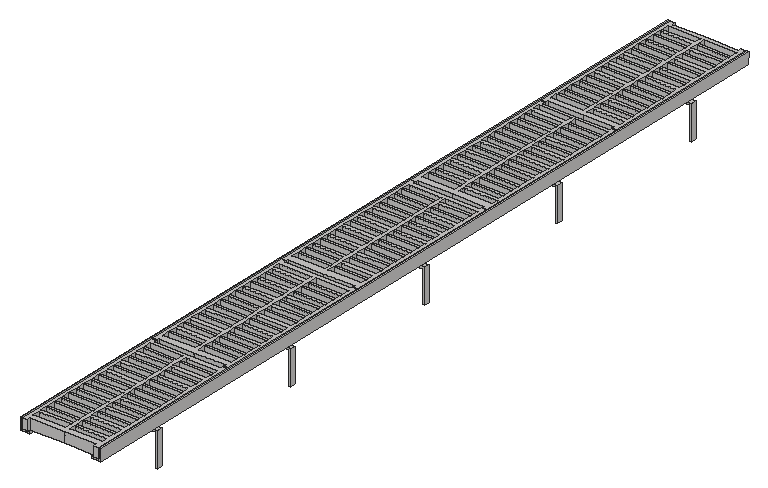
Revit family "Frame_Grate_12_Inch_Z712-HGS", category Plumbing Fixtures, Revit 2022 (continued)
Dimensions and locks (in)
  equal spacing: curve 2, curve 28, curve 27, curve 29, curve 4, locked at 3 each
  equal spacing: plane 40, plane 3 "Center (Left/Right)", plane 39, locked at 5.125 each
  equal spacing: plane 42, plane 3 "Center (Left/Right)", plane 41, locked at 0.25 each
  locked: plane 5 to plane 37 at 120
  equal spacing: plane 5, plane 1 "Center (Front/Back)", plane 37
  locked: Extrusion 3 sketch curve to Extrusion 3 sketch curve at 1  (x32)
  locked: Extrusion 3 sketch curve to Extrusion 3 sketch curve at 0.375  (x30)
  cut or joined group of Extrusion 2, Extrusion 3, Extrusion 5, Extrusion 6, Extrusion 7, Extrusion 8 to cut or joined group of Extrusion 2, Extrusion 3, Extrusion 5, Extrusion 6, Extrusion 7, Extrusion 8 = 23.940"
  locked: cut or joined group of Extrusion 2, Extrusion 3, Extrusion 5, Extrusion 6, Extrusion 7, Extrusion 8 to cut or joined group of Extrusion 2, Extrusion 3, Extrusion 5, Extrusion 6, Extrusion 7, Extrusion 8 at 0.4  (x4)
  cut or joined group of Extrusion 2, Extrusion 3, Extrusion 5, Extrusion 6, Extrusion 7, Extrusion 8 to cut or joined group of Extrusion 2, Extrusion 3, Extrusion 5, Extrusion 6, Extrusion 7, Extrusion 8 = 0.688"
  cut or joined group of Extrusion 2, Extrusion 3, Extrusion 5, Extrusion 6, Extrusion 7, Extrusion 8 to curve 27 to cut or joined group of Extrusion 2, Extrusion 3, Extrusion 5, Extrusion 6, Extrusion 7, Extrusion 8 = 5.625" locked, 5.625" locked
  equal spacing: plane 44, curve 27, plane 43
  locked: plane 44 to plane 43 at 11.25
  locked: Extrusion 2 sketch curve to Extrusion 2 sketch curve at 0.688  (x4)
  Extrusion 3 to Extrusion 3 = 21.625"
  Extrusion 3 to Extrusion 3 = 10.250"
  locked: Extrusion 5 sketch curve to Extrusion 5 sketch curve at 1  (x32)
  locked: Extrusion 5 sketch curve to Extrusion 5 sketch curve at 0.375  (x30)
  locked: Extrusion 6 sketch curve to Extrusion 6 sketch curve at 1  (x32)
  locked: Extrusion 6 sketch curve to Extrusion 6 sketch curve at 0.375  (x30)
  locked: Extrusion 7 sketch curve to Extrusion 7 sketch curve at 1  (x32)
  locked: Extrusion 7 sketch curve to Extrusion 7 sketch curve at 0.375  (x30)
  locked: Extrusion 8 sketch curve to Extrusion 8 sketch curve at 1  (x32)
  locked: Extrusion 8 sketch curve to Extrusion 8 sketch curve at 0.375  (x30)
  locked: Extrusion 4 sketch curve to Extrusion 4 sketch curve at 0.25
  Extrusion 9 sketch curve to Extrusion 9 sketch curve = 5.000"
  locked: Extrusion 9 sketch curve to Extrusion 9 sketch curve at 0.25  (x2)
  Extrusion 10 sketch curve to Extrusion 10 sketch curve = 5.000"
  locked: Extrusion 10 sketch curve to Extrusion 10 sketch curve at 0.25  (x2)
  Extrusion 11 sketch curve to Extrusion 11 sketch curve = 5.000"
  locked: Extrusion 11 sketch curve to Extrusion 11 sketch curve at 0.25  (x2)
  locked: Extrusion 12 sketch curve to Extrusion 12 sketch curve at 0.25  (x2)
  locked: Extrusion 10 to Extrusion 9 at 24
  locked: Extrusion 9 to Extrusion 4 at 24
  locked: Extrusion 4 to Extrusion 11 at 24
  locked: Extrusion 11 to Extrusion 12 at 24
  locked: Extrusion 10 to Extrusion 10 at 0.75  (x2)
  locked: Extrusion 9 to Extrusion 9 at 0.75  (x2)
  locked: Extrusion 11 to Extrusion 11 at 0.75  (x2)
  locked: Extrusion 12 to Extrusion 12 at 0.75  (x2)
  locked: Extrusion 12 to plane 37 at 9.75
  locked: plane 5 to Extrusion 10 at 10.5
  locked: plane 37 to Extrusion 12 at 9.75
  locked: Extrusion 12 to Extrusion 11 at 24
  locked: Extrusion 11 to Extrusion 4 at 24
  locked: Extrusion 4 to Extrusion 9 at 24
  locked: Extrusion 9 to Extrusion 10 at 24
  locked: Extrusion 10 to plane 5 at 10.5
  locked: Extrusion 13 sketch curve to Extrusion 13 sketch curve at 1  (x32)
  locked: Extrusion 13 sketch curve to Extrusion 13 sketch curve at 0.375  (x30)
  locked: Extrusion 14 sketch curve to Extrusion 14 sketch curve at 1  (x32)
  locked: Extrusion 14 sketch curve to Extrusion 14 sketch curve at 0.375  (x30)
  locked: Extrusion 15 sketch curve to Extrusion 15 sketch curve at 1  (x32)
  locked: Extrusion 15 sketch curve to Extrusion 15 sketch curve at 0.375  (x30)
  locked: Extrusion 16 sketch curve to Extrusion 16 sketch curve at 1  (x32)
  locked: Extrusion 16 sketch curve to Extrusion 16 sketch curve at 0.375  (x30)
  locked: Extrusion 17 sketch curve to Extrusion 17 sketch curve at 1  (x32)
  locked: Extrusion 17 sketch curve to Extrusion 17 sketch curve at 0.375  (x30)
  locked: level to plane 6 at 1.75
  locked: level to plane 16 at 1.5
  locked: plane 6 to plane 72 at 5
  plane 73 to plane 3 "Center (Left/Right)" to plane 74 = 6.298" locked, 6.298" locked
  plane 76 to plane 3 "Center (Left/Right)" to plane 75 = 6.548" locked, 6.548" locked
  locked: plane 77 to plane 78 at 0.75
  locked: plane 5 to plane 77 at 10.5
  locked: plane 79 to plane 78 at 24
  locked: plane 79 to plane 80 at 0.75
  locked: plane 82 to plane 80 at 24
  locked: plane 81 to plane 1 "Center (Front/Back)" at 0.75
  locked: plane 81 to plane 84 at 24
  locked: plane 84 to plane 83 at 0.75
  locked: plane 86 to plane 83 at 24
  locked: plane 86 to plane 85 at 0.75
  aligned and locked: plane 2 to level
  aligned and locked: Extrusion 1 sketch curve to level
  aligned and locked: plane 12 to Extrusion 1 sketch curve  (x2)
  aligned and locked: level to Extrusion 1 sketch curve  (x2)
  aligned and locked: Extrusion 1 sketch curve to plane 6
  aligned and locked: Extrusion 1 sketch curve to plane 9
  aligned and locked: plane 11 to Extrusion 1 sketch curve
  aligned and locked: plane 6 to Extrusion 1 sketch curve
  aligned and locked: Extrusion 1 sketch curve to plane 13
  aligned and locked: plane 13 to Extrusion 1 sketch curve  (x3)
  aligned and locked: Extrusion 1 sketch curve to plane 8
  aligned and locked: plane 15 to Extrusion 1 sketch curve  (x2)
  aligned and locked: plane 14 to Extrusion 1 sketch curve  (x2)
  aligned and locked: plane 16 to Extrusion 1  (x2)
  aligned and locked: Extrusion 2 sketch curve to plane 25
  aligned and locked: Extrusion 2 sketch curve to Extrusion 2 sketch curve  (x16)
  aligned and locked: plane 26 to Extrusion 2 sketch curve  (x2)
  aligned and locked: plane 27 to Extrusion 2 sketch curve  (x2)
  aligned and locked: plane 28 to Extrusion 2 sketch curve  (x2)
  aligned and locked: curve 1 to plane 5
  aligned and locked: plane 37 to Masking region 1 sketch curve
  aligned and locked: Masking region 1 sketch curve to plane 5
  aligned and locked: plane 37 to curve 3
  aligned and locked: Extrusion 2 sketch curve to plane 44
  aligned and locked: cut or joined group of Extrusion 2, Extrusion 3, Extrusion 5, Extrusion 6, Extrusion 7, Extrusion 8 to plane 40  (x37)
  aligned and locked: plane 40 to cut or joined group of Extrusion 2, Extrusion 3, Extrusion 5, Extrusion 6, Extrusion 7, Extrusion 8  (x18)
  aligned and locked: plane 39 to cut or joined group of Extrusion 2, Extrusion 3, Extrusion 5, Extrusion 6, Extrusion 7, Extrusion 8  (x75)
  aligned and locked: plane 42 to cut or joined group of Extrusion 2, Extrusion 3, Extrusion 5, Extrusion 6, Extrusion 7, Extrusion 8  (x16)
  aligned and locked: cut or joined group of Extrusion 2, Extrusion 3, Extrusion 5, Extrusion 6, Extrusion 7, Extrusion 8 to cut or joined group of Extrusion 2, Extrusion 3, Extrusion 5, Extrusion 6, Extrusion 7, Extrusion 8
  aligned and locked: cut or joined group of Extrusion 2, Extrusion 3, Extrusion 5, Extrusion 6, Extrusion 7, Extrusion 8 to plane 41  (x16)
  aligned and locked: plane 7 to Extrusion 12 sketch curve
  aligned and locked: Extrusion 12 sketch curve to plane 6  (x2)
  aligned and locked: Extrusion 12 sketch curve to plane 7
  aligned and locked: Extrusion 4 sketch curve to plane 7
  aligned and locked: plane 7 to Extrusion 11 sketch curve
  aligned and locked: Extrusion 11 sketch curve to plane 6
  aligned and locked: Extrusion 11 sketch curve to plane 7
  aligned and locked: plane 7 to Extrusion 9 sketch curve
  aligned and locked: Extrusion 9 sketch curve to plane 6  (x2)
  aligned and locked: Extrusion 9 sketch curve to plane 7
  aligned and locked: plane 7 to Extrusion 10 sketch curve
  aligned and locked: Extrusion 10 sketch curve to plane 6  (x2)
  aligned and locked: Extrusion 10 sketch curve to plane 7
  aligned and locked: plane 72 to Extrusion 12 sketch curve
  aligned and locked: Extrusion 12 sketch curve to plane 72
  aligned and locked: Extrusion 9 sketch curve to plane 72
  aligned and locked: Extrusion 4 sketch curve to plane 72  (x2)
  aligned and locked: Extrusion 11 sketch curve to plane 72
  aligned and locked: Extrusion 10 sketch curve to plane 72
  aligned and locked: Extrusion 10 sketch curve to plane 76
  aligned and locked: Extrusion 10 sketch curve to plane 75
  aligned and locked: Extrusion 10 sketch curve to plane 39
  aligned and locked: Extrusion 10 sketch curve to plane 40
  aligned and locked: Extrusion 9 sketch curve to plane 76
  aligned and locked: Extrusion 9 sketch curve to plane 75
  aligned and locked: Extrusion 9 sketch curve to plane 40
  aligned and locked: Extrusion 9 sketch curve to plane 39
  aligned and locked: Extrusion 4 sketch curve to plane 76
  aligned and locked: Extrusion 4 sketch curve to plane 40
  aligned and locked: Extrusion 4 sketch curve to Extrusion 10
  aligned and locked: Extrusion 4 sketch curve to plane 74
  aligned and locked: Extrusion 4 sketch curve to plane 75
  aligned and locked: plane 7 to Extrusion 4 sketch curve
  aligned and locked: plane 6 to Extrusion 4 sketch curve
  aligned and locked: Extrusion 4 sketch curve to plane 6
  aligned and locked: Extrusion 11 sketch curve to plane 76
  aligned and locked: Extrusion 11 sketch curve to plane 75
  aligned and locked: Extrusion 12 sketch curve to plane 75
  aligned and locked: Extrusion 12 sketch curve to plane 76
  aligned and locked: Extrusion 12 sketch curve to plane 40
  aligned and locked: Extrusion 12 sketch curve to plane 39
  aligned and locked: Extrusion 11 sketch curve to plane 40
  aligned and locked: Extrusion 11 sketch curve to plane 39
  aligned and locked: Masking region 1 sketch curve to plane 8  (x2)
  aligned and locked: cut or joined group of Extrusion 1, Extrusion 3, Extrusion 5, Extrusion 6, Extrusion 7, Extrusion 8 to Masking region 1 sketch curve  (x9)
  aligned and locked: Masking region 1 sketch curve to cut or joined group of Extrusion 1, Extrusion 3, Extrusion 5, Extrusion 6, Extrusion 7, Extrusion 8
  aligned and locked: Masking region 1 sketch curve to plane 75  (x5)
  aligned and locked: plane 76 to Masking region 1 sketch curve  (x5)
  aligned and locked: plane 77 to Extrusion 10
  aligned and locked: plane 78 to Extrusion 10
  aligned and locked: plane 77 to Masking region 1  (x2)
  aligned and locked: plane 78 to Masking region 1  (x2)
  aligned and locked: plane 79 to Extrusion 9
  aligned and locked: plane 80 to Extrusion 9
  aligned and locked: plane 79 to Masking region 1  (x2)
  aligned and locked: plane 80 to Masking region 1  (x2)
  aligned and locked: Extrusion 4 to plane 1 "Center (Front/Back)"
  aligned and locked: Extrusion 4 to plane 81
  aligned and locked: plane 1 "Center (Front/Back)" to plane 82
  aligned and locked: Masking region 1 to plane 81  (x2)
  aligned and locked: plane 84 to Extrusion 11
  aligned and locked: plane 83 to Extrusion 11
  aligned and locked: plane 84 to Masking region 1  (x2)
  aligned and locked: plane 83 to Masking region 1  (x2)
  aligned and locked: plane 86 to Extrusion 12
  aligned and locked: plane 85 to Extrusion 12
  aligned and locked: Extrusion 12 to plane 75
  aligned and locked: plane 85 to Masking region 1  (x2)
  aligned and locked: plane 86 to Masking region 1  (x2)
  aligned and locked: plane 76 to Extrusion 12
  aligned and locked: Extrusion 10 to plane 78
  aligned and locked: Extrusion 10 to plane 77
  aligned and locked: Extrusion 9 to plane 80
  aligned and locked: Extrusion 9 to plane 79
  aligned and locked: plane 81 to Extrusion 4
  aligned and locked: Masking region 1 to plane 1 "Center (Front/Back)"
  aligned and locked: Extrusion 4 to plane 82
  aligned and locked: Extrusion 11 to plane 83
  aligned and locked: Extrusion 11 to plane 84
  aligned and locked: Extrusion 12 to plane 85
  aligned and locked: Extrusion 12 to plane 86
Automatic sketch dimensions
  plane 36 to Extrusion 3 sketch curve = 0.4125"
  Extrusion 3 sketch curve to plane 36 = 1.9625"
  Extrusion 3 sketch curve to Extrusion 3 sketch curve = 0.000"  (x46)
  Extrusion 3 sketch curve to Extrusion 3 sketch curve = 4.875"  (x2)
  Extrusion 3 sketch curve to Extrusion 3 sketch curve = 0.500"  (x15)
  plane 47 to Extrusion 5 sketch curve = 0.4125"
  Extrusion 5 sketch curve to plane 47 = 1.9625"
  Extrusion 5 sketch curve to Extrusion 5 sketch curve = 0.000"  (x46)
  Extrusion 5 sketch curve to Extrusion 5 sketch curve = 4.875"  (x2)
  Extrusion 5 sketch curve to Extrusion 5 sketch curve = 0.500"  (x15)
  plane 50 to Extrusion 6 sketch curve = 0.4125"
  Extrusion 6 sketch curve to plane 50 = 1.9625"
  Extrusion 6 sketch curve to Extrusion 6 sketch curve = 0.000"  (x46)
  Extrusion 6 sketch curve to Extrusion 6 sketch curve = 4.875"  (x2)
  Extrusion 6 sketch curve to Extrusion 6 sketch curve = 0.500"  (x15)
  plane 53 to Extrusion 7 sketch curve = 0.4125"
  Extrusion 7 sketch curve to plane 53 = 1.9625"
  Extrusion 7 sketch curve to Extrusion 7 sketch curve = 0.000"  (x44)
  Extrusion 7 sketch curve to Extrusion 7 sketch curve = 0.125"  (x2)
  Extrusion 7 sketch curve to Extrusion 7 sketch curve = 4.875"  (x2)
  Extrusion 7 sketch curve to Extrusion 7 sketch curve = 0.500"  (x15)
  plane 56 to Extrusion 8 sketch curve = 0.4125"
  Extrusion 8 sketch curve to plane 56 = 1.9625"
  Extrusion 8 sketch curve to Extrusion 8 sketch curve = 0.000"  (x46)
  Extrusion 8 sketch curve to Extrusion 8 sketch curve = 4.875"  (x2)
  Extrusion 8 sketch curve to Extrusion 8 sketch curve = 0.500"  (x15)
  Extrusion 2 sketch curve to plane 44 = 0.000"  (x4)
  Extrusion 2 sketch curve to plane 5 = 0.000"  (x2)
  Extrusion 2 sketch curve to plane 41 = 0.000"  (x10)
  Extrusion 2 sketch curve to plane 43 = 0.000"  (x5)
  Extrusion 2 sketch curve to plane 31 = 0.0625"  (x4)
  Extrusion 2 sketch curve to Extrusion 2 sketch curve = 0.000"  (x2)
  Extrusion 2 sketch curve to plane 39 = 0.188"
  plane 26 to Extrusion 2 sketch curve = 0.100"  (x2)
  Extrusion 2 sketch curve to Extrusion 2 sketch curve = 0.30559"  (x4)
  Extrusion 2 sketch curve to Extrusion 2 sketch curve = 0.04729"
  Extrusion 2 sketch curve to Extrusion 2 sketch curve = 0.05271"  (x2)
  Extrusion 2 sketch curve to Extrusion 2 sketch curve = 0.400"
  Extrusion 2 sketch curve to Extrusion 2 sketch curve = 0.100"
  Extrusion 2 sketch curve to plane 5 = 0.400"
  plane 59 to Extrusion 13 sketch curve = 0.4125"
  Extrusion 13 sketch curve to plane 59 = 1.9625"
  Extrusion 13 sketch curve to Extrusion 13 sketch curve = 0.000"  (x46)
  Extrusion 13 sketch curve to Extrusion 13 sketch curve = 4.875"  (x2)
  Extrusion 13 sketch curve to Extrusion 13 sketch curve = 0.500"  (x15)
  plane 62 to Extrusion 14 sketch curve = 0.4125"
  Extrusion 14 sketch curve to plane 62 = 1.9625"
  Extrusion 14 sketch curve to Extrusion 14 sketch curve = 0.000"  (x46)
  Extrusion 14 sketch curve to Extrusion 14 sketch curve = 4.875"  (x2)
  Extrusion 14 sketch curve to Extrusion 14 sketch curve = 0.500"  (x15)
  plane 65 to Extrusion 15 sketch curve = 0.4125"
  Extrusion 15 sketch curve to plane 65 = 1.9625"
  Extrusion 15 sketch curve to Extrusion 15 sketch curve = 0.000"  (x46)
  Extrusion 15 sketch curve to Extrusion 15 sketch curve = 4.875"  (x2)
  Extrusion 15 sketch curve to Extrusion 15 sketch curve = 0.500"  (x15)
  plane 68 to Extrusion 16 sketch curve = 0.4125"
  Extrusion 16 sketch curve to plane 68 = 1.9625"
  Extrusion 16 sketch curve to Extrusion 16 sketch curve = 0.000"  (x44)
  Extrusion 16 sketch curve to Extrusion 16 sketch curve = 0.125"  (x2)
  Extrusion 16 sketch curve to Extrusion 16 sketch curve = 4.875"  (x2)
  Extrusion 16 sketch curve to Extrusion 16 sketch curve = 0.500"  (x15)
  plane 71 to Extrusion 17 sketch curve = 0.4125"
  Extrusion 17 sketch curve to plane 71 = 1.9625"
  Extrusion 17 sketch curve to Extrusion 17 sketch curve = 0.000"  (x46)
  Extrusion 17 sketch curve to Extrusion 17 sketch curve = 4.875"  (x2)
  Extrusion 17 sketch curve to Extrusion 17 sketch curve = 0.500"  (x15)
  Extrusion 11 sketch curve to plane 6 = 0.000"
  plane 1 "Center (Front/Back)" to Masking region 1 sketch curve = 0.000"  (x2)
  Masking region 1 sketch curve to plane 38 = 2.721"  (x2)
  Masking region 1 sketch curve to Masking region 1 sketch curve = 0.750"  (x6)
  Masking region 1 sketch curve to plane 17 = 1.940"  (x2)
  plane 1 "Center (Front/Back)" to Masking region 1 sketch curve = 0.750"  (x2)
  Masking region 1 sketch curve to plane 22 = 0.378"  (x2)
  plane 29 to Masking region 1 sketch curve = 0.343"  (x2)
  Masking region 1 sketch curve to plane 5 = 11.250"  (x2)
